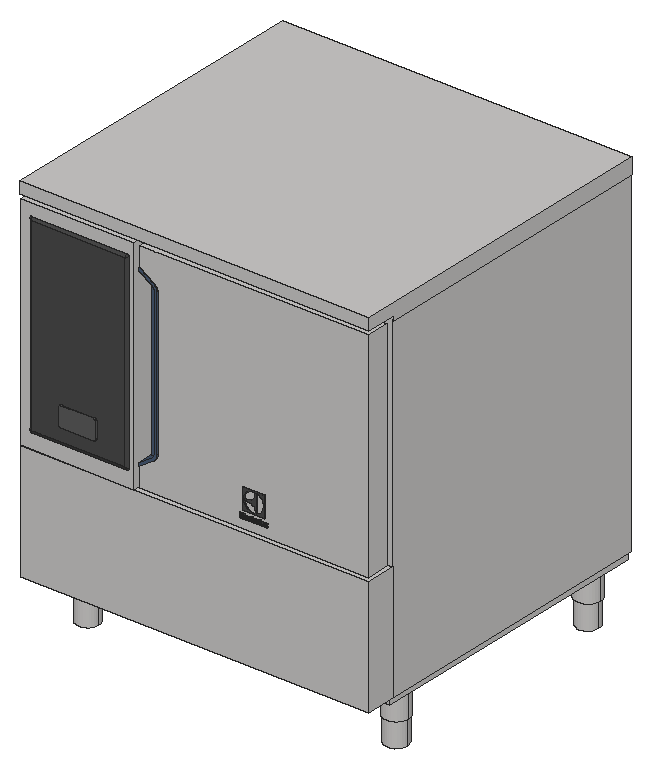
Revit family "QF_ELECTROLUXPROFESSIONAL_727733_EBFA61RTE", category Specialty Equipment, Revit 2018 (continued)
Automatic sketch dimensions
  Split face 39 sketch curve to Split face 39 sketch curve = 110.015 mm
  Split face 39 sketch curve to Split face 39 sketch curve = 5.027 mm
  Split face 40 sketch curve to Extrusion 9 = 147.48 mm
  Split face 40 sketch curve to Extrusion 9 = 377.596 mm
  Split face 40 sketch curve to Split face 40 sketch curve = 110.015 mm
  Split face 40 sketch curve to Split face 40 sketch curve = 5.027 mm
  Split face 41 sketch curve to Extrusion 9 = 138.008 mm
  Split face 41 sketch curve to Extrusion 9 = 377.596 mm
  Split face 41 sketch curve to Split face 41 sketch curve = 110.015 mm
  Split face 41 sketch curve to Split face 41 sketch curve = 5.027 mm
  Split face 42 sketch curve to Extrusion 9 = 128.536 mm
  Split face 42 sketch curve to Extrusion 9 = 377.596 mm
  Split face 42 sketch curve to Split face 42 sketch curve = 110.015 mm
  Split face 42 sketch curve to Split face 42 sketch curve = 5.027 mm
  Split face 43 sketch curve to Extrusion 9 = 119.064 mm
  Split face 43 sketch curve to Extrusion 9 = 377.596 mm
  Split face 43 sketch curve to Split face 43 sketch curve = 110.015 mm
  Split face 43 sketch curve to Split face 43 sketch curve = 5.027 mm
  Split face 44 sketch curve to Extrusion 9 = 109.592 mm
  Split face 44 sketch curve to Extrusion 9 = 377.596 mm
  Split face 44 sketch curve to Split face 44 sketch curve = 110.015 mm
  Split face 44 sketch curve to Split face 44 sketch curve = 5.027 mm
  Split face 45 sketch curve to Extrusion 9 = 100.119 mm
  Split face 45 sketch curve to Extrusion 9 = 377.596 mm
  Split face 45 sketch curve to Split face 45 sketch curve = 110.015 mm
  Split face 45 sketch curve to Split face 45 sketch curve = 5.027 mm
  Split face 46 sketch curve to Extrusion 9 = 90.647 mm
  Split face 46 sketch curve to Extrusion 9 = 377.596 mm
  Split face 46 sketch curve to Split face 46 sketch curve = 110.015 mm
  Split face 46 sketch curve to Split face 46 sketch curve = 5.027 mm
  Split face 47 sketch curve to Extrusion 9 = 81.175 mm
  Split face 47 sketch curve to Extrusion 9 = 377.596 mm
  Split face 47 sketch curve to Split face 47 sketch curve = 110.015 mm
  Split face 47 sketch curve to Split face 47 sketch curve = 5.027 mm
  Split face 48 sketch curve to Extrusion 9 = 71.703 mm
  Split face 48 sketch curve to Extrusion 9 = 377.596 mm
  Split face 48 sketch curve to Split face 48 sketch curve = 110.015 mm
  Split face 48 sketch curve to Split face 48 sketch curve = 5.027 mm
  Split face 49 sketch curve to Extrusion 9 = 62.231 mm
  Split face 49 sketch curve to Extrusion 9 = 377.596 mm
  Split face 49 sketch curve to Split face 49 sketch curve = 110.015 mm
  Split face 49 sketch curve to Split face 49 sketch curve = 5.027 mm
  Split face 50 sketch curve to Extrusion 9 = 52.758 mm
  Split face 50 sketch curve to Extrusion 9 = 377.596 mm
  Split face 50 sketch curve to Extrusion 9 = 47.731 mm
  Split face 50 sketch curve to Split face 50 sketch curve = 110.015 mm
  Split face 51 sketch curve to Extrusion 9 = 43.286 mm
  Split face 51 sketch curve to Extrusion 9 = 377.596 mm
  Split face 51 sketch curve to Extrusion 9 = 38.259 mm
  Split face 51 sketch curve to Split face 51 sketch curve = 110.015 mm
  Split face 52 sketch curve to Extrusion 9 = 33.814 mm
  Split face 52 sketch curve to Extrusion 9 = 377.596 mm
  Split face 52 sketch curve to Extrusion 9 = 28.787 mm
  Split face 52 sketch curve to Split face 52 sketch curve = 110.015 mm
  Split face 53 sketch curve to Extrusion 9 = 31.361 mm
  Split face 53 sketch curve to Extrusion 9 = 262.581 mm
  Split face 53 sketch curve to Extrusion 9 = 36.388 mm
  Split face 53 sketch curve to Split face 53 sketch curve = 110.015 mm
  Split face 54 sketch curve to Extrusion 9 = 40.833 mm
  Split face 54 sketch curve to Extrusion 9 = 262.581 mm
  Split face 54 sketch curve to Extrusion 9 = 45.86 mm
  Split face 54 sketch curve to Split face 54 sketch curve = 110.015 mm
  Split face 55 sketch curve to Extrusion 9 = 50.305 mm
  Split face 55 sketch curve to Extrusion 9 = 262.581 mm
  Split face 55 sketch curve to Split face 55 sketch curve = 110.015 mm
  Split face 55 sketch curve to Split face 55 sketch curve = 5.027 mm
  Split face 56 sketch curve to Extrusion 9 = 59.777 mm
  Split face 56 sketch curve to Extrusion 9 = 262.581 mm
  Split face 56 sketch curve to Split face 56 sketch curve = 110.015 mm
  Split face 56 sketch curve to Split face 56 sketch curve = 5.027 mm
  Split face 57 sketch curve to Extrusion 9 = 69.25 mm
  Split face 57 sketch curve to Extrusion 9 = 262.581 mm
  Split face 57 sketch curve to Split face 57 sketch curve = 110.015 mm
  Split face 57 sketch curve to Split face 57 sketch curve = 5.027 mm
  Split face 58 sketch curve to Extrusion 9 = 78.722 mm
  Split face 58 sketch curve to Extrusion 9 = 262.581 mm
  Split face 58 sketch curve to Split face 58 sketch curve = 110.015 mm
  Split face 58 sketch curve to Split face 58 sketch curve = 5.027 mm
  Split face 59 sketch curve to Extrusion 9 = 88.194 mm
  Split face 59 sketch curve to Extrusion 9 = 262.581 mm
  Split face 59 sketch curve to Split face 59 sketch curve = 110.015 mm
  Split face 59 sketch curve to Split face 59 sketch curve = 5.027 mm
  Split face 60 sketch curve to Extrusion 9 = 97.666 mm
  Split face 60 sketch curve to Extrusion 9 = 262.581 mm
  Split face 60 sketch curve to Split face 60 sketch curve = 110.015 mm
  Split face 60 sketch curve to Split face 60 sketch curve = 5.027 mm
  Split face 61 sketch curve to Extrusion 9 = 107.138 mm
  Split face 61 sketch curve to Extrusion 9 = 262.581 mm
  Split face 61 sketch curve to Split face 61 sketch curve = 110.015 mm
  Split face 61 sketch curve to Split face 61 sketch curve = 5.027 mm
  Split face 62 sketch curve to Extrusion 9 = 116.611 mm
  Split face 62 sketch curve to Extrusion 9 = 262.581 mm
  Split face 62 sketch curve to Split face 62 sketch curve = 110.015 mm
  Split face 62 sketch curve to Split face 62 sketch curve = 5.027 mm
  Split face 63 sketch curve to Extrusion 9 = 126.083 mm
  Split face 63 sketch curve to Extrusion 9 = 262.581 mm
  Split face 63 sketch curve to Split face 63 sketch curve = 110.015 mm
  Split face 63 sketch curve to Split face 63 sketch curve = 5.027 mm
  Split face 64 sketch curve to Extrusion 9 = 262.581 mm
  Split face 64 sketch curve to Split face 64 sketch curve = 110.015 mm
  Split face 64 sketch curve to Extrusion 9 = 135.555 mm
  Split face 64 sketch curve to Split face 64 sketch curve = 5.027 mm
  Split face 65 sketch curve to Extrusion 9 = 262.581 mm
  Split face 65 sketch curve to Split face 65 sketch curve = 110.015 mm
  Split face 65 sketch curve to Extrusion 9 = 145.027 mm
  Split face 65 sketch curve to Split face 65 sketch curve = 5.027 mm
  Split face 66 sketch curve to Extrusion 9 = 262.581 mm
  Split face 66 sketch curve to Split face 66 sketch curve = 110.015 mm
  Split face 66 sketch curve to Extrusion 9 = 147.48 mm
  Split face 66 sketch curve to Split face 66 sketch curve = 5.027 mm
  Split face 67 sketch curve to Extrusion 9 = 262.581 mm
  Split face 67 sketch curve to Split face 67 sketch curve = 110.015 mm
  Split face 67 sketch curve to Extrusion 9 = 138.008 mm
  Split face 67 sketch curve to Split face 67 sketch curve = 5.027 mm
  Split face 68 sketch curve to Extrusion 9 = 128.536 mm
  Split face 68 sketch curve to Extrusion 9 = 262.581 mm
  Split face 68 sketch curve to Split face 68 sketch curve = 110.015 mm
  Split face 68 sketch curve to Split face 68 sketch curve = 5.027 mm
  Split face 69 sketch curve to Extrusion 9 = 119.064 mm
  Split face 69 sketch curve to Extrusion 9 = 262.581 mm
  Split face 69 sketch curve to Split face 69 sketch curve = 110.015 mm
  Split face 69 sketch curve to Split face 69 sketch curve = 5.027 mm
  Split face 70 sketch curve to Extrusion 9 = 109.592 mm
  Split face 70 sketch curve to Extrusion 9 = 262.581 mm
  Split face 70 sketch curve to Split face 70 sketch curve = 110.015 mm
  Split face 70 sketch curve to Split face 70 sketch curve = 5.027 mm
  Split face 71 sketch curve to Extrusion 9 = 100.119 mm
  Split face 71 sketch curve to Extrusion 9 = 262.581 mm
  Split face 71 sketch curve to Split face 71 sketch curve = 110.015 mm
  Split face 71 sketch curve to Split face 71 sketch curve = 5.027 mm
  Split face 72 sketch curve to Extrusion 9 = 90.647 mm
  Split face 72 sketch curve to Extrusion 9 = 262.581 mm
  Split face 72 sketch curve to Split face 72 sketch curve = 110.015 mm
  Split face 72 sketch curve to Split face 72 sketch curve = 5.027 mm
  Split face 73 sketch curve to Extrusion 9 = 81.175 mm
  Split face 73 sketch curve to Extrusion 9 = 262.581 mm
  Split face 73 sketch curve to Split face 73 sketch curve = 110.015 mm
  Split face 73 sketch curve to Split face 73 sketch curve = 5.027 mm
  Split face 74 sketch curve to Extrusion 9 = 71.703 mm
  Split face 74 sketch curve to Extrusion 9 = 262.581 mm
  Split face 74 sketch curve to Split face 74 sketch curve = 110.015 mm
  Split face 74 sketch curve to Split face 74 sketch curve = 5.027 mm
  Split face 75 sketch curve to Extrusion 9 = 62.231 mm
  Split face 75 sketch curve to Extrusion 9 = 262.581 mm
  Split face 75 sketch curve to Split face 75 sketch curve = 110.015 mm
  Split face 75 sketch curve to Split face 75 sketch curve = 5.027 mm
  Split face 76 sketch curve to Extrusion 9 = 52.758 mm
  Split face 76 sketch curve to Extrusion 9 = 262.581 mm
  Split face 76 sketch curve to Extrusion 9 = 47.731 mm
  Split face 76 sketch curve to Split face 76 sketch curve = 110.015 mm
  Split face 77 sketch curve to Extrusion 9 = 43.286 mm
  Split face 77 sketch curve to Extrusion 9 = 262.581 mm
  Split face 77 sketch curve to Extrusion 9 = 38.259 mm
  Split face 77 sketch curve to Split face 77 sketch curve = 110.015 mm
  Split face 78 sketch curve to Extrusion 9 = 33.814 mm
  Split face 78 sketch curve to Extrusion 9 = 262.581 mm
  Split face 78 sketch curve to Extrusion 9 = 28.787 mm
  Split face 78 sketch curve to Split face 78 sketch curve = 110.015 mm
  Split face 79 sketch curve to Extrusion 9 = 31.361 mm
  Split face 79 sketch curve to Extrusion 9 = 147.565 mm
  Split face 79 sketch curve to Extrusion 9 = 36.388 mm
  Split face 79 sketch curve to Split face 79 sketch curve = 110.015 mm
  Split face 80 sketch curve to Extrusion 9 = 40.833 mm
  Split face 80 sketch curve to Extrusion 9 = 147.565 mm
  Split face 80 sketch curve to Extrusion 9 = 45.86 mm
  Split face 80 sketch curve to Split face 80 sketch curve = 110.015 mm
  Split face 81 sketch curve to Extrusion 9 = 50.305 mm
  Split face 81 sketch curve to Extrusion 9 = 147.565 mm
  Split face 81 sketch curve to Split face 81 sketch curve = 110.015 mm
  Split face 81 sketch curve to Split face 81 sketch curve = 5.027 mm
  Split face 82 sketch curve to Extrusion 9 = 59.777 mm
  Split face 82 sketch curve to Extrusion 9 = 147.565 mm
  Split face 82 sketch curve to Split face 82 sketch curve = 110.015 mm
  Split face 82 sketch curve to Split face 82 sketch curve = 5.027 mm
  Split face 83 sketch curve to Extrusion 9 = 69.25 mm
  Split face 83 sketch curve to Extrusion 9 = 147.565 mm
  Split face 83 sketch curve to Split face 83 sketch curve = 110.015 mm
  Split face 83 sketch curve to Split face 83 sketch curve = 5.027 mm
  Split face 84 sketch curve to Extrusion 9 = 147.565 mm
  Split face 84 sketch curve to Split face 84 sketch curve = 110.015 mm
  Split face 84 sketch curve to Extrusion 9 = 78.722 mm
  Split face 84 sketch curve to Split face 84 sketch curve = 5.027 mm
  Split face 85 sketch curve to Extrusion 9 = 147.565 mm
  Split face 85 sketch curve to Split face 85 sketch curve = 110.015 mm
  Split face 85 sketch curve to Extrusion 9 = 88.194 mm
  Split face 85 sketch curve to Split face 85 sketch curve = 5.027 mm
  Split face 86 sketch curve to Extrusion 9 = 147.565 mm
  Split face 86 sketch curve to Split face 86 sketch curve = 110.015 mm
  Split face 86 sketch curve to Extrusion 9 = 97.666 mm
  Split face 86 sketch curve to Split face 86 sketch curve = 5.027 mm
  Split face 87 sketch curve to Extrusion 9 = 147.565 mm
  Split face 87 sketch curve to Split face 87 sketch curve = 110.015 mm
  Split face 87 sketch curve to Extrusion 9 = 107.138 mm
  Split face 87 sketch curve to Split face 87 sketch curve = 5.027 mm
  Split face 88 sketch curve to Extrusion 9 = 147.565 mm
  Split face 88 sketch curve to Split face 88 sketch curve = 110.015 mm
  Split face 88 sketch curve to Extrusion 9 = 116.611 mm
  Split face 88 sketch curve to Split face 88 sketch curve = 5.027 mm
  Split face 89 sketch curve to Extrusion 9 = 147.565 mm
  Split face 89 sketch curve to Split face 89 sketch curve = 110.015 mm
  Split face 89 sketch curve to Extrusion 9 = 126.083 mm
  Split face 89 sketch curve to Split face 89 sketch curve = 5.027 mm
  Split face 90 sketch curve to Extrusion 9 = 147.565 mm
  Split face 90 sketch curve to Split face 90 sketch curve = 110.015 mm
  Split face 90 sketch curve to Extrusion 9 = 135.555 mm
  Split face 90 sketch curve to Split face 90 sketch curve = 5.027 mm
  Split face 91 sketch curve to Extrusion 9 = 147.565 mm
  Split face 91 sketch curve to Split face 91 sketch curve = 110.015 mm
  Split face 91 sketch curve to Extrusion 9 = 145.027 mm
  Split face 91 sketch curve to Split face 91 sketch curve = 5.027 mm
  Split face 92 sketch curve to Extrusion 9 = 147.565 mm
  Split face 92 sketch curve to Split face 92 sketch curve = 110.015 mm
  Split face 92 sketch curve to Extrusion 9 = 147.48 mm
  Split face 92 sketch curve to Split face 92 sketch curve = 5.027 mm
  Split face 93 sketch curve to Extrusion 9 = 147.565 mm
  Split face 93 sketch curve to Split face 93 sketch curve = 110.015 mm
  Split face 93 sketch curve to Extrusion 9 = 138.008 mm
  Split face 93 sketch curve to Split face 93 sketch curve = 5.027 mm
  Split face 94 sketch curve to Extrusion 9 = 147.565 mm
  Split face 94 sketch curve to Split face 94 sketch curve = 110.015 mm
  Split face 94 sketch curve to Extrusion 9 = 128.536 mm
  Split face 94 sketch curve to Split face 94 sketch curve = 5.027 mm
  Split face 95 sketch curve to Extrusion 9 = 147.565 mm
  Split face 95 sketch curve to Split face 95 sketch curve = 110.015 mm
  Split face 95 sketch curve to Extrusion 9 = 119.064 mm
  Split face 95 sketch curve to Split face 95 sketch curve = 5.027 mm
  Split face 96 sketch curve to Extrusion 9 = 147.565 mm
  Split face 96 sketch curve to Split face 96 sketch curve = 110.015 mm
  Split face 96 sketch curve to Extrusion 9 = 109.592 mm
  Split face 96 sketch curve to Split face 96 sketch curve = 5.027 mm
  Split face 97 sketch curve to Extrusion 9 = 147.565 mm
  Split face 97 sketch curve to Split face 97 sketch curve = 110.015 mm
  Split face 97 sketch curve to Extrusion 9 = 100.119 mm
  Split face 97 sketch curve to Split face 97 sketch curve = 5.027 mm
  Split face 98 sketch curve to Extrusion 9 = 147.565 mm
  Split face 98 sketch curve to Split face 98 sketch curve = 110.015 mm
  Split face 98 sketch curve to Extrusion 9 = 90.647 mm
  Split face 98 sketch curve to Split face 98 sketch curve = 5.027 mm
  Split face 99 sketch curve to Extrusion 9 = 147.565 mm
  Split face 99 sketch curve to Split face 99 sketch curve = 110.015 mm
  Split face 99 sketch curve to Extrusion 9 = 81.175 mm
  Split face 99 sketch curve to Split face 99 sketch curve = 5.027 mm
  Split face 100 sketch curve to Extrusion 9 = 71.703 mm
  Split face 100 sketch curve to Extrusion 9 = 147.565 mm
  Split face 100 sketch curve to Split face 100 sketch curve = 110.015 mm
  Split face 100 sketch curve to Split face 100 sketch curve = 5.027 mm
  Split face 101 sketch curve to Extrusion 9 = 62.231 mm
  Split face 101 sketch curve to Extrusion 9 = 147.565 mm
  Split face 101 sketch curve to Split face 101 sketch curve = 110.015 mm
  Split face 101 sketch curve to Split face 101 sketch curve = 5.027 mm
  Split face 102 sketch curve to Extrusion 9 = 52.758 mm
  Split face 102 sketch curve to Extrusion 9 = 147.565 mm
  Split face 102 sketch curve to Extrusion 9 = 47.731 mm
  Split face 102 sketch curve to Split face 102 sketch curve = 110.015 mm
  Split face 103 sketch curve to Extrusion 9 = 43.286 mm
  Split face 103 sketch curve to Extrusion 9 = 147.565 mm
  Split face 103 sketch curve to Extrusion 9 = 38.259 mm
  Split face 103 sketch curve to Split face 103 sketch curve = 110.015 mm
  Split face 104 sketch curve to Extrusion 9 = 33.814 mm
  Split face 104 sketch curve to Extrusion 9 = 147.565 mm
  Split face 104 sketch curve to Extrusion 9 = 28.787 mm
  Split face 104 sketch curve to Split face 104 sketch curve = 110.015 mm
  Split face 105 sketch curve to Extrusion 9 = 32.55 mm
  Split face 105 sketch curve to Extrusion 9 = 36.388 mm
  Split face 105 sketch curve to Split face 105 sketch curve = 110.015 mm
  Split face 105 sketch curve to Split face 105 sketch curve = 5.027 mm
  Split face 106 sketch curve to Extrusion 9 = 32.55 mm
  Split face 106 sketch curve to Extrusion 9 = 45.86 mm
  Split face 106 sketch curve to Split face 106 sketch curve = 110.015 mm
  Split face 106 sketch curve to Split face 106 sketch curve = 5.027 mm
  Split face 107 sketch curve to Extrusion 9 = 32.55 mm
  Split face 107 sketch curve to Split face 107 sketch curve = 110.015 mm
  Split face 107 sketch curve to Extrusion 9 = 50.305 mm
  Split face 107 sketch curve to Split face 107 sketch curve = 5.027 mm
  Split face 108 sketch curve to Extrusion 9 = 32.55 mm
  Split face 108 sketch curve to Split face 108 sketch curve = 110.015 mm
  Split face 108 sketch curve to Extrusion 9 = 59.777 mm
  Split face 108 sketch curve to Split face 108 sketch curve = 5.027 mm
  Split face 109 sketch curve to Extrusion 9 = 32.55 mm
  Split face 109 sketch curve to Split face 109 sketch curve = 110.015 mm
  Split face 109 sketch curve to Extrusion 9 = 69.25 mm
  Split face 109 sketch curve to Split face 109 sketch curve = 5.027 mm
  Split face 110 sketch curve to Extrusion 9 = 32.55 mm
  Split face 110 sketch curve to Split face 110 sketch curve = 110.015 mm
  Split face 110 sketch curve to Extrusion 9 = 78.722 mm
  Split face 110 sketch curve to Split face 110 sketch curve = 5.027 mm
  Split face 111 sketch curve to Extrusion 9 = 32.55 mm
  Split face 111 sketch curve to Split face 111 sketch curve = 110.015 mm
  Split face 111 sketch curve to Extrusion 9 = 88.194 mm
  Split face 111 sketch curve to Split face 111 sketch curve = 5.027 mm
  Split face 112 sketch curve to Extrusion 9 = 32.55 mm
  Split face 112 sketch curve to Split face 112 sketch curve = 110.015 mm
  Split face 112 sketch curve to Extrusion 9 = 97.666 mm
  Split face 112 sketch curve to Split face 112 sketch curve = 5.027 mm
  Split face 113 sketch curve to Extrusion 9 = 32.55 mm
  Split face 113 sketch curve to Split face 113 sketch curve = 110.015 mm
  Split face 113 sketch curve to Extrusion 9 = 107.138 mm
  Split face 113 sketch curve to Split face 113 sketch curve = 5.027 mm
  Split face 114 sketch curve to Extrusion 9 = 32.55 mm
  Split face 114 sketch curve to Split face 114 sketch curve = 110.015 mm
  Split face 114 sketch curve to Extrusion 9 = 116.611 mm
  Split face 114 sketch curve to Split face 114 sketch curve = 5.027 mm
  Split face 115 sketch curve to Extrusion 9 = 32.55 mm
  Split face 115 sketch curve to Split face 115 sketch curve = 110.015 mm
  Split face 115 sketch curve to Extrusion 9 = 126.083 mm
  Split face 115 sketch curve to Split face 115 sketch curve = 5.027 mm
  Split face 116 sketch curve to Extrusion 9 = 32.55 mm
  Split face 116 sketch curve to Split face 116 sketch curve = 110.015 mm
  Split face 116 sketch curve to Extrusion 9 = 135.555 mm
  Split face 116 sketch curve to Split face 116 sketch curve = 5.027 mm
  Split face 117 sketch curve to Extrusion 9 = 32.55 mm
  Split face 117 sketch curve to Split face 117 sketch curve = 110.015 mm
  Split face 117 sketch curve to Extrusion 9 = 145.027 mm
  Split face 117 sketch curve to Split face 117 sketch curve = 5.027 mm
  Split face 118 sketch curve to Extrusion 9 = 32.55 mm
  Split face 118 sketch curve to Split face 118 sketch curve = 110.015 mm
  Split face 118 sketch curve to Extrusion 9 = 147.48 mm
  Split face 118 sketch curve to Split face 118 sketch curve = 5.027 mm
  Split face 119 sketch curve to Extrusion 9 = 32.55 mm
  Split face 119 sketch curve to Split face 119 sketch curve = 110.015 mm
  Split face 119 sketch curve to Extrusion 9 = 138.008 mm
  Split face 119 sketch curve to Split face 119 sketch curve = 5.027 mm
  Split face 120 sketch curve to Extrusion 9 = 32.55 mm
  Split face 120 sketch curve to Split face 120 sketch curve = 110.015 mm
  Split face 120 sketch curve to Extrusion 9 = 128.536 mm
  Split face 120 sketch curve to Split face 120 sketch curve = 5.027 mm
  Split face 121 sketch curve to Extrusion 9 = 32.55 mm
  Split face 121 sketch curve to Split face 121 sketch curve = 110.015 mm
  Split face 121 sketch curve to Extrusion 9 = 119.064 mm
  Split face 121 sketch curve to Split face 121 sketch curve = 5.027 mm
  Split face 122 sketch curve to Extrusion 9 = 32.55 mm
  Split face 122 sketch curve to Split face 122 sketch curve = 110.015 mm
  Split face 122 sketch curve to Extrusion 9 = 109.592 mm
  Split face 122 sketch curve to Split face 122 sketch curve = 5.027 mm
  Split face 123 sketch curve to Extrusion 9 = 32.55 mm
  Split face 123 sketch curve to Split face 123 sketch curve = 110.015 mm
  Split face 123 sketch curve to Extrusion 9 = 100.119 mm
  Split face 123 sketch curve to Split face 123 sketch curve = 5.027 mm
  Split face 124 sketch curve to Extrusion 9 = 32.55 mm
  Split face 124 sketch curve to Split face 124 sketch curve = 110.015 mm
  Split face 124 sketch curve to Extrusion 9 = 90.647 mm
  Split face 124 sketch curve to Split face 124 sketch curve = 5.027 mm
  Split face 125 sketch curve to Extrusion 9 = 32.55 mm
  Split face 125 sketch curve to Split face 125 sketch curve = 110.015 mm
  Split face 125 sketch curve to Extrusion 9 = 81.175 mm
  Split face 125 sketch curve to Split face 125 sketch curve = 5.027 mm
  Split face 126 sketch curve to Extrusion 9 = 32.55 mm
  Split face 126 sketch curve to Split face 126 sketch curve = 110.015 mm
  Split face 126 sketch curve to Extrusion 9 = 71.703 mm
  Split face 126 sketch curve to Split face 126 sketch curve = 5.027 mm
  Split face 127 sketch curve to Extrusion 9 = 32.55 mm
  Split face 127 sketch curve to Split face 127 sketch curve = 110.015 mm
  Split face 127 sketch curve to Extrusion 9 = 62.231 mm
  Split face 127 sketch curve to Split face 127 sketch curve = 5.027 mm
  Split face 128 sketch curve to Extrusion 9 = 32.55 mm
  Split face 128 sketch curve to Extrusion 9 = 47.731 mm
  Split face 128 sketch curve to Split face 128 sketch curve = 110.015 mm
  Split face 128 sketch curve to Split face 128 sketch curve = 5.027 mm
  Split face 129 sketch curve to Extrusion 9 = 32.55 mm
  Split face 129 sketch curve to Extrusion 9 = 38.259 mm
  Split face 129 sketch curve to Split face 129 sketch curve = 110.015 mm
  Split face 129 sketch curve to Split face 129 sketch curve = 5.027 mm
  Split face 130 sketch curve to Extrusion 9 = 32.55 mm
  Split face 130 sketch curve to Extrusion 9 = 28.787 mm
  Split face 130 sketch curve to Split face 130 sketch curve = 110.015 mm
  Split face 130 sketch curve to Split face 130 sketch curve = 5.027 mm
  Extrusion 13 sketch curve to plane 5 "BACK" = 0 mm  (x2)
  Extrusion 13 sketch curve to plane 15 = 0 mm  (x2)
  Extrusion 13 sketch curve to plane 3 "Center Y" = 141.58 mm
  Extrusion 13 sketch curve to Extrusion 13 sketch curve = 1.631 mm  (x2)
  Extrusion 13 sketch curve to Extrusion 13 sketch curve = 9.723 mm
  plane 10 to Extrusion 13 sketch curve = 80.967 mm
  plane 10 to Extrusion 13 sketch curve = 72.875 mm
  Extrusion 14 sketch curve to plane 7 "FRONT" = 0 mm
  plane 16 to Extrusion 14 sketch curve = 47.24 mm
  Extrusion 14 sketch curve to Extrusion 14 sketch curve = 8.487 mm
  Extrusion 14 sketch curve to Extrusion 14 sketch curve = 8.95 mm
  Extrusion 14 sketch curve to Extrusion 14 sketch curve = 19 mm
  Extrusion 14 sketch curve to Extrusion 14 sketch curve = 20 mm
  plane 16 to Extrusion 14 sketch curve = 2.5 mm  (x2)
  plane 8 to Extrusion 14 sketch curve = 332.497 mm
  Extrusion 14 sketch curve to Extrusion 14 sketch curve = 51.186 mm
  Extrusion 14 sketch curve to Extrusion 14 sketch curve = 23.723 mm
  Extrusion 14 sketch curve to plane 14 = 91.049 mm
  Extrusion 14 sketch curve to Extrusion 14 sketch curve = 24.082 mm
  Extrusion 14 sketch curve to plane 14 = 0.005 mm
  Extrusion 15 sketch curve to Extrusion 14 = 0 mm  (x6)
  Extrusion 14 to Extrusion 15 sketch curve = 0 mm  (x2)
  Extrusion 14 to Extrusion 15 sketch curve = 8.487 mm
  Extrusion 14 to Extrusion 15 sketch curve = 8.95 mm
  Extrusion 15 sketch curve to Extrusion 15 sketch curve = 11.05 mm
  Extrusion 16 sketch curve to Extrusion 16 sketch curve = 0 mm  (x2)
  Extrusion 16 sketch curve to Extrusion 14 = 0 mm  (x5)
  Extrusion 14 to Extrusion 16 sketch curve = 2.5 mm  (x2)
  Extrusion 16 sketch curve to Extrusion 16 sketch curve = 13.5 mm
  Extrusion 14 to Extrusion 16 sketch curve = 12.541 mm
  Extrusion 16 sketch curve to Extrusion 16 sketch curve = 5.583 mm
  Extrusion 16 sketch curve to Extrusion 16 sketch curve = 3.591 mm
  Extrusion 16 sketch curve to Extrusion 16 sketch curve = 3.597 mm
  Extrusion 16 sketch curve to Extrusion 16 sketch curve = 6.141 mm
  Extrusion 16 sketch curve to Extrusion 16 sketch curve = 6.143 mm
  Extrusion 17 sketch curve to plane 7 "FRONT" = 0 mm
  Extrusion 17 sketch curve to plane 6 "RIGHT" = 21.029 mm
  Extrusion 17 sketch curve to plane 12 = 2 mm
  Extrusion 17 sketch curve to plane 3 "Center Y" = 139.7 mm
  plane 7 "FRONT" to Extrusion 17 sketch curve = 16.966 mm
  radius of Extrusion 5 sketch curve = 10.5 mm
  radius of Extrusion 6 sketch curve to Extrusion 2 = 0 mm
  radius of Extrusion 7 sketch curve to Extrusion 2 = 0 mm
  radius of Extrusion 7 sketch curve to Extrusion 2 = 6.5 mm
  radius of Extrusion 12 sketch curve = 9.5 mm
  radius of Extrusion 15 sketch curve to Extrusion 14 = 0 mm
  radius of Extrusion 16 sketch curve to Extrusion 14 = 0 mm
  radius of Extrusion 16 sketch curve to Extrusion 14 = 6.5 mm
  radius of Extrusion 18 sketch curve = 3.15 mm
  radius of Extrusion 19 sketch curve = 7 mm
Nested families
  nested 1: "Foot_Complete" at (-708, -142.149, 0), type "Foot_Complete"
    with H 130 mm
  nested 2: "Foot_Complete" at (85, -142.149, 0), type "Foot_Complete"
    with H 130 mm
  nested 3: "Foot_Complete" at (85, 473.851, 0), type "Foot_Complete"
    with H 130 mm
  nested 4: "Foot_Complete" at (-708, 473.851, 0), type "Foot_Complete"
    with H 130 mm
  nested 5: "ELX_Logo_S_New" at (-157.603, -295.149, 492.497) x (1, 0, 0) z (0, -1, 0), visible <- "Show Logo", type "ELX_Logo_S_New"
    with M QF_Finishes_Black
  nested 6: "ELX_Logo_Symbol" at (-157.603, -295.149, 532.497) x (-1, 0, 0) z (0, -1, 0), visible <- "Show Logo", type "ELX_Logo_Symbol"
    with M QF_Finishes_Black
  nested 7: "ELX_Touch" at (-606.5, -295.149, 741.265) x (1, 0, 0) z (0, -1, 0), type "ELX_Touch"
Connectors
  electrical at (-696, 577.851, 258), driven by "Volts"
    settings: on Extrusion 5, index 5, voltage 220 V, apparent load 0 VA, apparent load phase1 0 VA, apparent load phase2 0 VA, apparent load phase3 0 VA, power factor 1, load classification "Altro", number of poles 1, system type 30, power factor state 1, is connector primary yes, connector utility no, sub classification motor no, connector description "Electrical Connection"
  piping at (-535, 528.851, 222), diameter 16
    settings: on Extrusion 19, index 6, connector inside diameter 609.6 mm, connector length 0 mm, flow factor 0, pipe flow 0.0 L/s, pressure drop 0.0 Pa, fitting loss kfactor 0, connector angle 0.00°, fixture units 0, engagement length 0 mm, angle of deflection 0.00°, flow configuration 1, flow direction 1, fitting loss method 0, system type 8, joint type 0, gender type 0, connector reference index -1, connector utility 0, adjustable connector no, is connector primary yes, connector description "Refrigerant Outlet"
  piping at (-590, 468.851, 216), diameter 9.5
    settings: on Extrusion 18, index 7, connector inside diameter 609.6 mm, connector length 0 mm, flow factor 0, pipe flow 0.0 L/s, pressure drop 0.0 Pa, fitting loss kfactor 0, connector angle 0.00°, fixture units 0, engagement length 0 mm, angle of deflection 0.00°, flow configuration 1, flow direction 1, fitting loss method 0, system type 7, joint type 0, gender type 0, connector reference index -1, connector utility 0, adjustable connector no, is connector primary no, connector description "Refrigerant Inlet"
  piping at (-360, 215.851, 98.32), diameter 19
    settings: on cut or joined group of Extrusion 1, Extrusion 3, Extrusion 4, Extrusion 5, Extrusion 10, Extrusion 11, Extrusion 12, Extrusion 13, index 8, connector inside diameter 609.6 mm, connector length 0 mm, flow factor 0, pipe flow 0.0 L/s, pressure drop 0.0 Pa, fitting loss kfactor 0, connector angle 0.00°, fixture units 0, engagement length 0 mm, angle of deflection 0.00°, flow configuration 1, flow direction 2, fitting loss method 0, system type 16, joint type 0, gender type 0, connector reference index -1, connector utility 0, adjustable connector no, is connector primary no, connector description "Drain"
Definition of nested family "Foot_Complete"
  Parameters
    R = 32 mm
    H = 150 mm
  Reference planes
    plane 1 "Centro (Fronte/Retro)": y = 0
    plane 2: z = 0
    plane 3 "Centro (Sinistra/Destra)": x = 0
    plane 4: z = 150
  Forms (mm)
    Revolve 1, solid
      sketch origin (255.05, 0, 608.09) x (0, 0, 1) y (-1, 0, 0)
        loop
          line (-608.09, 255.05) -> (-608.09, 226.55) -> (-544.09, 226.55) -> (-544.09, 223.05) -> (-458.09, 223.05) -> (-458.09, 255.05) -> (-608.09, 255.05)
        axis (-608.09, 255.05) -> (-458.09, 255.05)
      angle from 0 to 360
  Dimensions and locks
    locked: level to Revolve 1 sketch curve at 64
    "R": Revolve 1 sketch curve to plane 3 "Centro (Sinistra/Destra)"
    "H": plane 4 to level
    aligned and locked: level to plane 2
    aligned and locked: plane 4 to Revolve 1 sketch curve
    aligned and locked: Revolve 1 sketch curve to level
    aligned and locked: plane 3 "Centro (Sinistra/Destra)" to Revolve 1 sketch curve
  Automatic sketch dimensions
    Revolve 1 sketch curve to plane 3 "Centro (Sinistra/Destra)" = 0 mm
    plane 3 "Centro (Sinistra/Destra)" to Revolve 1 sketch curve = 28.5 mm
    Revolve 1 sketch curve to Revolve 1 sketch curve = 50 mm
    Revolve 1 sketch curve to Revolve 1 sketch curve = 20 mm
Definition of nested family "ELX_Logo_S_New"
  Parameters
    Default Elevation = 0 mm
    M [instance] = none
  Reference planes
    plane 1 "Centro (Fronte/Retro)": y = 0
    plane 2: z = 0
    plane 3 "Centro (Sinistra/Destra)": x = 0
  Forms (mm)
    Extrusion 1, solid
      sketch origin (0, 0, 0) x (1, 0, 0) y (0, 1, 0)
        loop
          line (-1219.2, 1219.2) -> (-1219.2, -1219.2) -> (1219.2, -1219.2) -> (1219.2, 1219.2) -> (-1219.2, 1219.2)
      from 0 to -304.8
    Extrusion 2, solid, material <- "M"
      sketch origin (0, 0, 0) x (1, 0, 0) y (0, 1, 0)
        loop
          spline (-32.537, -4.135) -> (-32.702, -4.128) -> (-32.877, -4.105) -> (-33.059, -4.064) -> (-33.242, -4.002) -> (-33.422, -3.916) -> (-33.593, -3.803) -> (-33.751, -3.66) -> (-33.891, -3.486) -> (-34.008, -3.276) -> (-34.098, -3.029) -> (-34.155, -2.741) -> (-34.176, -2.41)
          line (-34.176, -2.41) -> (-34.176, -0.943) -> (-29.331, -0.943) -> (-29.331, 0.928) -> (-34.176, 0.928) -> (-34.176, 3.652) -> (-29.023, 3.652) -> (-29.023, 5.518) -> (-36.159, 5.518) -> (-36.159, -2.326)
          spline (-36.159, -2.326) -> (-36.142, -2.808) -> (-36.088, -3.263) -> (-35.996, -3.688) -> (-35.867, -4.083) -> (-35.698, -4.445) -> (-35.489, -4.773) -> (-35.239, -5.066) -> (-34.946, -5.322) -> (-34.61, -5.539) -> (-34.23, -5.716) -> (-33.804, -5.851) -> (-33.332, -5.943)
          line (-33.332, -5.943) -> (-32.554, -5.999) -> (-28.885, -5.999) -> (-28.885, -4.135) -> (-32.537, -4.135)
        loop
          line (-27.476, 0.076) -> (-27.476, -6.002) -> (-25.492, -6.002) -> (-25.492, 5.521) -> (-27.476, 5.521) -> (-27.476, 0.076)
        loop
          spline (-15.702, -2.321) -> (-15.689, -1.697) -> (-15.749, -1.094) -> (-15.879, -0.516) -> (-16.078, 0.029) -> (-16.341, 0.538) -> (-16.668, 1.004) -> (-17.055, 1.422) -> (-17.5, 1.786) -> (-17.999, 2.091) -> (-18.552, 2.331) -> (-19.154, 2.5) -> (-19.804, 2.594)
          spline (-19.804, 2.594) -> (-20.422, 2.558) -> (-21.009, 2.453) -> (-21.56, 2.28) -> (-22.072, 2.042) -> (-22.54, 1.743) -> (-22.96, 1.385) -> (-23.327, 0.97) -> (-23.638, 0.502) -> (-23.887, -0.018) -> (-24.07, -0.586) -> (-24.183, -1.2) -> (-24.222, -1.857)
          spline (-24.222, -1.857) -> (-24.184, -2.498) -> (-24.074, -3.097) -> (-23.895, -3.652) -> (-23.651, -4.16) -> (-23.344, -4.618) -> (-22.979, -5.023) -> (-22.559, -5.374) -> (-22.087, -5.667) -> (-21.567, -5.899) -> (-21.003, -6.068) -> (-20.397, -6.172) -> (-19.754, -6.207)
          spline (-19.754, -6.207) -> (-19.44, -6.2) -> (-19.13, -6.176) -> (-18.823, -6.135) -> (-18.52, -6.074) -> (-18.221, -5.993) -> (-17.925, -5.89) -> (-17.634, -5.762) -> (-17.346, -5.609) -> (-17.062, -5.43) -> (-16.782, -5.221) -> (-16.506, -4.983) -> (-16.234, -4.713)
          line (-16.234, -4.713) -> (-17.429, -3.55)
          spline (-17.429, -3.55) -> (-17.587, -3.702) -> (-17.745, -3.841) -> (-17.906, -3.967) -> (-18.07, -4.08) -> (-18.239, -4.181) -> (-18.415, -4.268) -> (-18.599, -4.343) -> (-18.792, -4.404) -> (-18.996, -4.452) -> (-19.213, -4.486) -> (-19.443, -4.506) -> (-19.688, -4.513)
          spline (-19.688, -4.513) -> (-20.047, -4.496) -> (-20.383, -4.443) -> (-20.696, -4.358) -> (-20.984, -4.24) -> (-21.246, -4.092) -> (-21.479, -3.915) -> (-21.683, -3.711) -> (-21.856, -3.48) -> (-21.997, -3.224) -> (-22.104, -2.945) -> (-22.176, -2.643) -> (-22.212, -2.321)
          line (-22.212, -2.321) -> (-15.702, -2.321)
        loop
          spline (-17.695, -0.926) -> (-17.714, -0.681) -> (-17.771, -0.445) -> (-17.861, -0.221) -> (-17.984, -0.01) -> (-18.135, 0.184) -> (-18.314, 0.36) -> (-18.516, 0.516) -> (-18.741, 0.648) -> (-18.984, 0.755) -> (-19.244, 0.834) -> (-19.518, 0.883) -> (-19.804, 0.9)
          spline (-19.804, 0.9) -> (-20.11, 0.884) -> (-20.405, 0.835) -> (-20.686, 0.757) -> (-20.95, 0.652) -> (-21.195, 0.521) -> (-21.419, 0.367) -> (-21.618, 0.192) -> (-21.79, -0.003) -> (-21.934, -0.214) -> (-22.045, -0.439) -> (-22.122, -0.678) -> (-22.162, -0.926)
          line (-22.162, -0.926) -> (-17.695, -0.926)
        loop
          spline (-12.669, -1.807) -> (-12.646, -1.438) -> (-12.58, -1.088) -> (-12.472, -0.759) -> (-12.326, -0.455) -> (-12.145, -0.177) -> (-11.93, 0.072) -> (-11.685, 0.289) -> (-11.412, 0.473) -> (-11.114, 0.62) -> (-10.793, 0.728) -> (-10.453, 0.794) -> (-10.095, 0.817)
          spline (-10.095, 0.817) -> (-9.876, 0.81) -> (-9.665, 0.79) -> (-9.464, 0.756) -> (-9.271, 0.709) -> (-9.086, 0.65) -> (-8.908, 0.578) -> (-8.737, 0.495) -> (-8.572, 0.399) -> (-8.414, 0.292) -> (-8.261, 0.173) -> (-8.113, 0.044) -> (-7.969, -0.096)
          line (-7.969, -0.096) -> (-6.741, 1.183)
          spline (-6.741, 1.183) -> (-6.985, 1.427) -> (-7.237, 1.647) -> (-7.496, 1.843) -> (-7.762, 2.015) -> (-8.034, 2.164) -> (-8.312, 2.291) -> (-8.596, 2.397) -> (-8.886, 2.482) -> (-9.181, 2.546) -> (-9.481, 2.592) -> (-9.786, 2.619) -> (-10.095, 2.627)
          spline (-10.095, 2.627) -> (-10.715, 2.589) -> (-11.308, 2.476) -> (-11.871, 2.294) -> (-12.396, 2.046) -> (-12.88, 1.736) -> (-13.316, 1.369) -> (-13.7, 0.949) -> (-14.026, 0.48) -> (-14.289, -0.035) -> (-14.483, -0.59) -> (-14.604, -1.182) -> (-14.645, -1.807)
          spline (-14.645, -1.807) -> (-14.604, -2.431) -> (-14.483, -3.023) -> (-14.289, -3.578) -> (-14.026, -4.093) -> (-13.7, -4.562) -> (-13.316, -4.983) -> (-12.88, -5.35) -> (-12.396, -5.659) -> (-11.871, -5.907) -> (-11.308, -6.09) -> (-10.715, -6.202) -> (-10.095, -6.24)
          spline (-10.095, -6.24) -> (-9.786, -6.232) -> (-9.481, -6.205) -> (-9.181, -6.16) -> (-8.886, -6.095) -> (-8.596, -6.01) -> (-8.312, -5.904) -> (-8.034, -5.777) -> (-7.762, -5.628) -> (-7.496, -5.456) -> (-7.237, -5.26) -> (-6.985, -5.04) -> (-6.741, -4.796)
          line (-6.741, -4.796) -> (-7.969, -3.517)
          spline (-7.969, -3.517) -> (-8.113, -3.657) -> (-8.261, -3.786) -> (-8.414, -3.905) -> (-8.572, -4.012) -> (-8.737, -4.108) -> (-8.908, -4.192) -> (-9.086, -4.263) -> (-9.271, -4.323) -> (-9.464, -4.369) -> (-9.665, -4.403) -> (-9.876, -4.423) -> (-10.095, -4.43)
          spline (-10.095, -4.43) -> (-10.453, -4.408) -> (-10.793, -4.341) -> (-11.114, -4.233) -> (-11.412, -4.086) -> (-11.685, -3.902) -> (-11.93, -3.685) -> (-12.145, -3.436) -> (-12.326, -3.158) -> (-12.472, -2.854) -> (-12.58, -2.526) -> (-12.646, -2.176) -> (-12.669, -1.807)
        loop
          spline (-1.683, -4.138) -> (-1.858, -4.14) -> (-2.045, -4.127) -> (-2.24, -4.095) -> (-2.438, -4.04) -> (-2.633, -3.959) -> (-2.822, -3.85) -> (-2.998, -3.709) -> (-3.157, -3.533) -> (-3.294, -3.318) -> (-3.404, -3.061) -> (-3.483, -2.76) -> (-3.524, -2.411)
          line (-3.524, -2.411) -> (-3.524, 0.529) -> (-1.72, 0.529) -> (-1.72, 2.331) -> (-3.522, 2.331) -> (-3.522, 5.521) -> (-5.506, 5.521) -> (-5.506, -2.523)
          spline (-5.506, -2.523) -> (-5.463, -2.99) -> (-5.386, -3.429) -> (-5.274, -3.839) -> (-5.126, -4.218) -> (-4.941, -4.564) -> (-4.717, -4.877) -> (-4.455, -5.155) -> (-4.153, -5.396) -> (-3.81, -5.599) -> (-3.425, -5.762) -> (-2.998, -5.884) -> (-2.528, -5.964)
          line (-2.528, -5.964) -> (-1.69, -6.002) -> (-1.683, -4.138)
        loop
          spline (4.991, 2.446) -> (4.648, 2.468) -> (4.318, 2.461) -> (4.001, 2.429) -> (3.699, 2.371) -> (3.413, 2.288) -> (3.142, 2.182) -> (2.89, 2.052) -> (2.655, 1.901) -> (2.439, 1.728) -> (2.244, 1.535) -> (2.069, 1.322) -> (1.917, 1.091)
          line (1.917, 1.091) -> (1.917, 2.33) -> (-0.051, 2.33) -> (-0.051, -6.002) -> (1.917, -6.002) -> (1.917, -1.621)
          spline (1.917, -1.621) -> (1.935, -1.288) -> (1.988, -0.979) -> (2.075, -0.693) -> (2.195, -0.432) -> (2.345, -0.197) -> (2.526, 0.01) -> (2.736, 0.189) -> (2.972, 0.338) -> (3.235, 0.456) -> (3.522, 0.541) -> (3.832, 0.594) -> (4.165, 0.611)
          line (4.165, 0.611) -> (4.991, 0.529) -> (4.991, 2.446)
        loop
          spline (14.388, -1.836) -> (14.347, -1.224) -> (14.226, -0.642) -> (14.031, -0.093) -> (13.768, 0.418) -> (13.441, 0.887) -> (13.057, 1.308) -> (12.621, 1.677) -> (12.137, 1.989) -> (11.612, 2.24) -> (11.051, 2.425) -> (10.459, 2.539) -> (9.842, 2.578)
          spline (9.842, 2.578) -> (9.221, 2.539) -> (8.627, 2.425) -> (8.064, 2.24) -> (7.539, 1.989) -> (7.056, 1.677) -> (6.62, 1.308) -> (6.237, 0.887) -> (5.912, 0.418) -> (5.65, -0.093) -> (5.456, -0.642) -> (5.336, -1.224) -> (5.295, -1.836)
          spline (5.295, -1.836) -> (5.336, -2.447) -> (5.456, -3.029) -> (5.65, -3.578) -> (5.912, -4.089) -> (6.237, -4.558) -> (6.62, -4.979) -> (7.056, -5.348) -> (7.539, -5.66) -> (8.064, -5.911) -> (8.627, -6.096) -> (9.221, -6.211) -> (9.842, -6.25)
          spline (9.842, -6.25) -> (10.459, -6.211) -> (11.051, -6.096) -> (11.612, -5.911) -> (12.137, -5.66) -> (12.621, -5.348) -> (13.057, -4.979) -> (13.441, -4.558) -> (13.768, -4.089) -> (14.031, -3.578) -> (14.226, -3.029) -> (14.347, -2.447) -> (14.388, -1.836)
        loop
          spline (12.42, -1.836) -> (12.397, -1.475) -> (12.33, -1.131) -> (12.222, -0.807) -> (12.075, -0.504) -> (11.893, -0.227) -> (11.677, 0.022) -> (11.431, 0.241) -> (11.157, 0.426) -> (10.859, 0.575) -> (10.538, 0.685) -> (10.198, 0.753) -> (9.842, 0.777)
          spline (9.842, 0.777) -> (9.482, 0.753) -> (9.14, 0.685) -> (8.818, 0.575) -> (8.519, 0.426) -> (8.246, 0.241) -> (8.001, 0.022) -> (7.786, -0.227) -> (7.605, -0.504) -> (7.459, -0.807) -> (7.352, -1.131) -> (7.286, -1.475) -> (7.263, -1.836)
          spline (7.263, -1.836) -> (7.286, -2.196) -> (7.352, -2.54) -> (7.459, -2.865) -> (7.605, -3.167) -> (7.786, -3.444) -> (8.001, -3.694) -> (8.246, -3.912) -> (8.519, -4.098) -> (8.818, -4.247) -> (9.14, -4.357) -> (9.482, -4.425) -> (9.842, -4.448)
          spline (9.842, -4.448) -> (10.198, -4.425) -> (10.538, -4.357) -> (10.859, -4.247) -> (11.157, -4.098) -> (11.431, -3.912) -> (11.677, -3.694) -> (11.893, -3.444) -> (12.075, -3.167) -> (12.222, -2.865) -> (12.33, -2.54) -> (12.397, -2.196) -> (12.42, -1.836)
        loop
          line (15.608, 0.275) -> (15.608, -6.002) -> (17.593, -6.002) -> (17.593, 5.521) -> (15.608, 5.521) -> (15.608, 0.275)
        loop
          line (24.747, 2.33) -> (24.747, -2.513)
          spline (24.747, -2.513) -> (24.731, -2.828) -> (24.685, -3.112) -> (24.61, -3.366) -> (24.507, -3.59) -> (24.38, -3.785) -> (24.229, -3.952) -> (24.056, -4.091) -> (23.863, -4.203) -> (23.652, -4.29) -> (23.425, -4.35) -> (23.183, -4.386) -> (22.928, -4.398)
          spline (22.928, -4.398) -> (22.674, -4.386) -> (22.432, -4.35) -> (22.205, -4.29) -> (21.994, -4.204) -> (21.802, -4.092) -> (21.629, -3.954) -> (21.478, -3.788) -> (21.35, -3.595) -> (21.248, -3.373) -> (21.173, -3.122) -> (21.126, -2.841) -> (21.11, -2.53)
          line (21.11, -2.53) -> (21.11, 2.33) -> (19.11, 2.33) -> (19.11, -2.696)
          spline (19.11, -2.696) -> (19.145, -3.265) -> (19.248, -3.783) -> (19.413, -4.25) -> (19.636, -4.667) -> (19.912, -5.033) -> (20.236, -5.349) -> (20.603, -5.616) -> (21.008, -5.833) -> (21.446, -6.001) -> (21.913, -6.121) -> (22.403, -6.193) -> (22.912, -6.217)
          spline (22.912, -6.217) -> (23.425, -6.193) -> (23.92, -6.12) -> (24.39, -5.998) -> (24.832, -5.828) -> (25.241, -5.607) -> (25.611, -5.337) -> (25.937, -5.016) -> (26.216, -4.645) -> (26.441, -4.222) -> (26.608, -3.749) -> (26.711, -3.223) -> (26.747, -2.646)
          line (26.747, -2.646) -> (26.747, 2.33) -> (24.747, 2.33)
        loop
          line (34.253, -3.337) -> (33.002, -1.588) -> (34.551, 0.523) -> (35.878, 2.33) -> (33.713, 2.33) -> (31.91, -0.166) -> (30.092, 2.33) -> (27.943, 2.33) -> (29.175, 0.645) -> (30.82, -1.604) -> (29.096, -4.004) -> (27.662, -6.002) -> (29.794, -6.002) -> (31.91, -3.059) -> (34.027, -6.002) -> (36.159, -6.002) -> (34.253, -3.337)
      from 0 to 1.644
  Dimensions and locks
    aligned and locked: plane 2 to Extrusion 1
    aligned and locked: level to Extrusion 1
Definition of nested family "ELX_Logo_Symbol"
  Parameters
    Default Elevation = 0 mm
    M [instance] = none
  Reference planes
    plane 1 "Centro (Fronte/Retro)": y = 0
    plane 2: z = 0
    plane 3 "Centro (Sinistra/Destra)": x = 0
  Forms (mm)
    Extrusion 1, solid
      sketch origin (0, 0, 0) x (1, 0, 0) y (0, 1, 0)
        loop
          line (-1219.2, 1219.2) -> (-1219.2, -1219.2) -> (1219.2, -1219.2) -> (1219.2, 1219.2) -> (-1219.2, 1219.2)
      from 0 to -304.8
    Extrusion 2, solid, material <- "M"
      sketch origin (94.462, 558.781, 0) x (1, 0, 0) y (0, 1, 0)
        loop
          line (-101.645, -583.129) -> (-101.645, -534.543)
          arc (-101.645, -534.543) -> (-119.606, -558.836) -> (-101.645, -583.129) r 25.41
        loop
          arc (-99.174, -583.129) -> (-78.968, -578.537) -> (-69.233, -560.244) r 24.902
          line (-69.233, -560.244) -> (-77.271, -560.244)
          arc (-77.271, -560.244) -> (-91.631, -566.073) -> (-99.174, -579.611) r 23.341
          line (-99.174, -579.611) -> (-99.174, -583.129)
        loop
          arc (-99.174, -538.061) -> (-91.631, -551.599) -> (-77.271, -557.427) r 23.341
          line (-77.271, -557.427) -> (-69.233, -557.427)
          arc (-69.233, -557.427) -> (-78.952, -538.984) -> (-99.174, -533.918) r 25.553
          line (-99.174, -533.918) -> (-99.174, -538.061)
        loop
          line (-67.388, -585.781) -> (-67.388, -531.781) -> (-121.462, -531.781) -> (-121.462, -585.781) -> (-67.388, -585.781)
      from 0 to 1.644
  Dimensions and locks
    aligned and locked: plane 2 to Extrusion 1
    aligned and locked: level to Extrusion 1
Definition of nested family "ELX_Touch"
  Parameters
    Default Elevation = 1219.2 mm
  Reference planes
    plane 1 "Centro (Fronte/Retro)": y = 0
    plane 2: z = 0
    plane 3 "Centro (Sinistra/Destra)": x = 0
  Forms (mm)
    Extrusion 1, solid
      sketch origin (0, 0, 0) x (1, 0, 0) y (0, 1, 0)
        loop
          line (-1219.2, 1219.2) -> (-1219.2, -1219.2) -> (1219.2, -1219.2) -> (1219.2, 1219.2) -> (-1219.2, 1219.2)
      from 0 to -304.8
    Extrusion 2, solid
      sketch origin (0, 0, 5) x (1, 0, 0) y (0, 1, 0)
        loop
          line (-47, -160) -> (-47, -202)
          arc (-47, -202) -> (-45.536, -205.535) -> (-42, -207) r 5
          line (-42, -207) -> (42, -207)
          arc (42, -207) -> (45.536, -205.535) -> (47, -202) r 5
          line (47, -202) -> (47, -160)
          arc (47, -160) -> (45.536, -156.465) -> (42, -155) r 5
          line (42, -155) -> (-42, -155)
          arc (-42, -155) -> (-45.536, -156.465) -> (-47, -160) r 5
      from 0 to 2
    Blend 3, solid
      base sketch origin (0, 0, 0) x (1, 0, 0) y (0, 1, 0)
        loop
          line (-127, 244) -> (-127, -244)
          arc (-127, -244) -> (-125.536, -247.536) -> (-122, -249) r 5
          line (-122, -249) -> (122, -249)
          arc (122, -249) -> (125.536, -247.536) -> (127, -244) r 5
          line (127, -244) -> (127, 244)
          arc (127, 244) -> (125.536, 247.536) -> (122, 249) r 5
          line (122, 249) -> (-122, 249)
          arc (-122, 249) -> (-125.536, 247.536) -> (-127, 244) r 5
      top sketch origin (0, 0, 0) x (1, 0, 0) y (0, 1, 0)
        loop
          line (-119, -241) -> (119, -241) -> (119, 241) -> (-119, 241) -> (-119, -241)
      from 0 to 5
  Lines and regions (mm)
    Split face 1
      outline origin (0, 0, 5) x (1, 0, 0) y (0, 1, 0)
        loop
          line (-70.506, 46.167) -> (70.506, 46.167) -> (70.506, 214.829) -> (-70.506, 214.829) -> (-70.506, 46.167)
    Split face 2
      outline origin (0, 0, 5) x (1, 0, 0) y (0, 1, 0)
        loop
          line (-47.467, 50.825) -> (47.467, 50.825) -> (47.467, 210.171) -> (-47.467, 210.171) -> (-47.467, 50.825)
    Split face 3
      outline origin (0, 0, 5) x (1, 0, 0) y (0, 1, 0)
        loop
          line (-70.521, -215.33) -> (70.521, -215.33) -> (70.521, -146.67) -> (-70.521, -146.67) -> (-70.521, -215.33)
    Split face 4
      outline origin (0, 0, 5) x (1, 0, 0) y (0, 1, 0)
        loop
          line (-119, 201.163) -> (-70.506, 201.163)
        loop
          line (70.506, 201.163) -> (119, 201.163)
        loop
          line (70.521, -200.849) -> (119, -200.849)
        loop
          line (-119, -200.849) -> (-70.521, -200.849)
  Dimensions and locks
    aligned and locked: plane 2 to Extrusion 1
    aligned and locked: level to Extrusion 1
